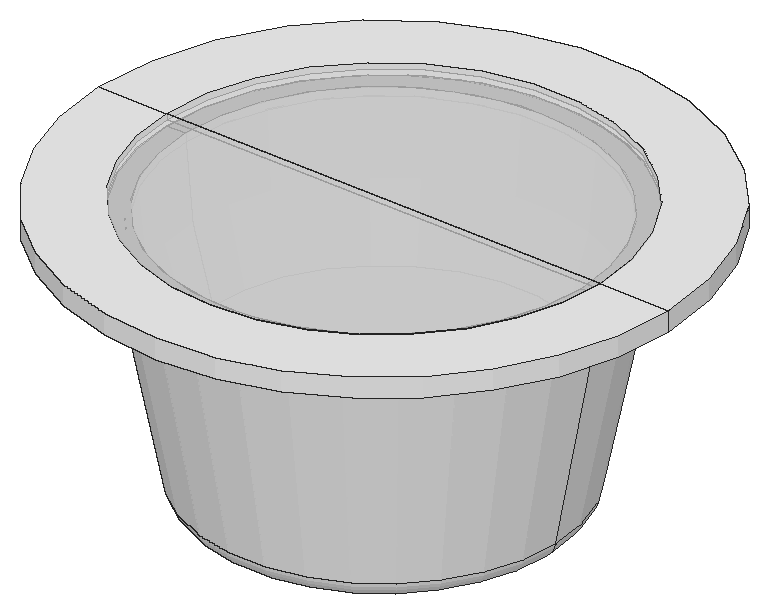
Revit family "2060545+2028036 Sylvania Lighting Fixture ASCENT 100 II ARCH 1000 4K STD 160 with IP44 Frost Glass", category Lighting Fixtures, host Face, Revit 2016
Family settings
  Host = Face
  Part Type = Normal
  Round Connector Dimension = Use Diameter
  OmniClass Number = 23.80.70.11.17
  OmniClass Title = Specialized Lighting by Location or Use
  Cut with Voids When Loaded = No
  Light Source = Yes
  Shared = No
  Room Calculation Point = No
Parameters (values of type "2060545+2028036 ASCT100 II ARCH 1000 4K STD 160 with IP44 Frost Glass")
  WidthBezelAcc_SYL = 25.0 mm
  Weight = "1.2 kg"
  Wattage = 7 W
  WarrantyStartDate [instance] = "n/a"
  WarrantyGuarantorParts = "n/a"
  WarrantyDurationUnit = "n/a"
  WarrantyDurationParts = "n/a"
  WarrantyDescription = "n/a"
  built-in parameter 1150110 = 1 (stored number, unit not read)
  Voltage = 0 V
  VisibilityAccessory_SYL = yes
  TypeName = "ASCENT 100 II ARCH 1000 4K STD 160 with IP44 Frost Glass"
  built-in parameter 1114217 = 1 (stored number, unit not read)
  Tilt Angle = -90°
  built-in parameter 1150109 = 1 (stored number, unit not read)
  built-in parameter 1150134 = 12
  built-in parameter 1150113 = 1 (stored number, unit not read)
  SerialNumber [instance] = "n/a"
  ReflectorRadius_SYL = Radius_SYL - 14.5 mm  # 80.0 mm
  RadiusAcc_SYL = 105.0 mm
  Radius_SYL = 94.5 mm
  URL = "http://www.sylvania-lighting.com"
  PowerFactor = 0
  PowerConsumption = "7 W"
  Photometric Web File = "2060545.ies"
  NominalWidth = 0.0 mm
  NominalLength = 0.0 mm
  NominalHeight = 94.0 mm
  Name = "ASCENT 100 II ARCH 1000 4K STD 160 with IP44 Frost Glass"
  ModelReference = "ASCENT 100 II ARCH 1000 4K STD 160 with IP44 Frost Glass"
  ModelNumber = "2060545+2028036"
  Material_4_SYL = none
  Material_3_SYL = Polycarbonate_Sylvania_Ascent_Opal
  Material_2_SYL = Aluminium_Sylvania_Ascent_Silver
  Material_1_SYL = Aluminum_Sylvania_Ascent_White
  Material = "aluminium housing, arcylic diffuser"
  ManufacturerName = "Feilo Sylvania"
  LuminousEfficacy = "144 lm/W"
  built-in parameter 1150105 = 80.214 (stored number, unit not read)
  Lumens = 1008 lm
  LuminaireType = ""
  built-in parameter 1150115 = 1 (stored number, unit not read)
  LightOutputRatio = "100"
  built-in parameter 1150137 = (empty or 0)
  built-in parameter 1150139 = (empty or 0)
  LampsType = Lamp  # "LED"
  LampNominalLuminous = "1009 lm"
  LampMacAdamStep = "3"
  LampColourTemperature = "4000 K"
  LampColourRenderingIndex = "80"
  built-in parameter 1150112 = 1 (stored number, unit not read)
  built-in parameter 1150114 = 1 (stored number, unit not read)
  Keynote = "16500"
  InstallationDate [instance] = "n/a"
  InputVoltage = "n/a"
  InputNominalFrequency = "n/a"
  built-in parameter 1150132 = (empty or 0)
  built-in parameter 1150102 = (empty or 0)
  built-in parameter 1150107 = 4000 (stored number, unit not read)
  built-in parameter 1150138 = (empty or 0)
  IngressProtection = "IP44"
  ImpactProtectionIndex = "IK02"
  built-in parameter 1150106 = 0.80214 (stored number, unit not read)
  IfcExportType = "IfcLightFixtureType"
  IfcExportAs = "IfcLightFixtureType"
  Height_SYL = 94.0 mm
  HeightAcc_SYL = 7.0 mm
  ExpectedLife = 50000
  EmittionSurface_SYL = if(VisibilityAccessory_SYL, 7.0 mm, 3.0 mm)  # 7.0 mm
  Emit from Circle Diameter = DiffuserRadius_SYL * 2  # 146.0 mm
  Emit Shape Visible in Rendering = no
  ElectricShockClassification = "Class II"
  built-in parameter 1150104 = 13.378 (stored number, unit not read)
  DurationUnit = "hours"
  DocumentationLiterature = "http://www.sylvania-lighting.com/product/en-int/products/2060545"
  DimmingControlOptions = "n/a"
  Dimming Lamp Color Temperature Shift = <None>
  DiffuserRadius_SYL = ReflectorRadius_SYL - 7.0 mm  # 73.0 mm
  Diameter_SYL = 2 * Radius_SYL  # 189.0 mm
  CutoutDiameter_SYL = Diameter_SYL - 13.0 mm  # 176.0 mm
  CreatedOn = "9/17/2018"
  CreatedBy = "@sylvania-lighting.com"
  Color Filter = 16777215
  built-in parameter 1114216 [instance] = 1 (stored number, unit not read)
  Model = "ASCENT 100 II ARCH 1000 4K STD 160 with IP44 Frost Glass"
  Manufacturer = "Feilo Sylvania"
  Lamp = "LED"
  Description = "Direct LED retro fit for original LED 100 Arch (160) single CFL lamp offering Matching lumen levels and improved light distribution of original LED 100 CFL lamp equivalents Typically half the power consumption compared to CFL Up to 112lm/W 160mm aperture Architectural reflector accepts range of glass accessories from existing LED 100 Arch 160 offering HE, HO and VHO versions equivalent of single 1 x 18W, 1 x 32W, 1 x 42W\r\n Additional VVHO versions which offer the performance circa 2 x 32W equivalent"  # constant formula
  Default Elevation = 0.0 mm
  built-in parameter 1140040 [instance] = 1
  BarCode [instance] = "n/a"
  built-in parameter 1114218 = 1 (stored number, unit not read)
  built-in parameter 1150133 = 10 (stored number, unit not read)
  AssetType = "Fixed"
  AssetIdentifier [instance] = "n/a"
  Assembly Code = "D5020200"
  Apparent Load = 7 VA
  Aperture_SYL = 2 * ReflectorRadius_SYL  # 160.0 mm
Reference planes
  plane 1 "Center (Front/Back)": y = 0
  plane 2: z = 0
  plane 3 "Center (Left/Right)": x = 0
  plane 4 "Fixture Bottom": z = 3
  plane 5: z = -52.5
  plane 6 "Fixture Top": z = -91
  plane 7: x = -105
  plane 8: z = 7
  plane 9: x = -80
  plane 10: z = 5
  plane 11: x = -103
Forms (mm)
  Extrusion 1, solid, material "Aluminum_Sylvania_Ascent_White", detail levels fine
    sketch origin (0, 0, 0) x (1, 0, 0) y (0, 1, 0)
      loop
        circle (0, 0) r 94.5
      loop
        circle (0, 0) r 80
    from 0 to 3
  Extrusion 2, void
    sketch origin (0, 0, 0) x (1, 0, 0) y (0, 1, 0)
      loop
        circle (0, 0) r 88
    from -91 to 3
  Revolve 3, solid, material "Aluminum_Sylvania_Ascent_White" <- "Material_1_SYL", detail levels fine
    sketch origin (0, 0, 0) x (1, 0, 0) y (0, 0, 1)
      loop
        line (0, -91.073) -> (0, -89.023) -> (-55.468, -89.014)
        arc (-55.468, -89.014) -> (-59.352, -87.613) -> (-61.54, -84.139) r 6.307
        line (-61.54, -84.139) -> (-77.991, -2.844) -> (-77.991, 0) -> (-80, 0) -> (-80, -3) -> (-63.5, -84.536)
        arc (-63.5, -84.536) -> (-60.643, -89.203) -> (-55.5, -91.073) r 8.291
        line (-55.5, -91.073) -> (0, -91.073)
      axis (0, 0) -> (0, -91.073)
    angle from 0 to 360
  Revolve 4, solid, material "Aluminium_Sylvania_Ascent_Silver" <- "Material_2_SYL", detail levels fine
    sketch origin (0, 0, 0) x (1, 0, 0) y (0, 0, 1)
      loop
        line (-80, 3) -> (-80, 0) -> (-75, 0)
        arc (-75, 0) -> (-72.349, -26.77) -> (-64.5, -52.5) r 136.5
        line (-64.5, -52.5) -> (-58, -52.5)
        arc (-58, -52.5) -> (-56.857, -61.521) -> (-53.5, -69.971) r 36.166
        line (-53.5, -69.971) -> (0, -69.971) -> (0, -50.5) -> (-63.16, -50.5)
        arc (-63.16, -50.5) -> (-70.517, -25.725) -> (-73, 0) r 134.5
        line (-73, 0) -> (-73, 3) -> (-80, 3)
      axis (0, 3) -> (0, -69.971)
    angle from 0 to 360
  Extrusion 5, solid, material "Polycarbonate_Sylvania_Ascent_Opal" <- "Material_3_SYL", detail levels fine
    sketch origin (0, 0, 0) x (1, 0, 0) y (0, 1, 0)
      loop
        circle (0, 0) r 73
    from 0 to 3
  Revolve 6, solid, material "Aluminum_Sylvania_Ascent_White" <- "Material_1_SYL", detail levels coarse+medium
    sketch origin (0, 0, 0) x (1, 0, 0) y (0, 0, 1)
      loop
        line (0, -91.073) -> (0, 3) -> (-94.5, 3) -> (-94.5, 0) -> (-79.5, 0) -> (-79.5, -3) -> (-63, -84.536)
        arc (-63, -84.536) -> (-60.143, -89.203) -> (-55, -91.073) r 8.291
        line (-55, -91.073) -> (0, -91.073)
      axis (0, 3) -> (0, -91.073)
    angle from 0 to 360
  Revolve 7, solid, material "Aluminum_Sylvania_Ascent_White" <- "Material_1_SYL", visible <- "VisibilityAccessory_SYL"
    sketch origin (0, 0, 0) x (1, 0, 0) y (0, 0, 1)
      loop
        line (-105, 0) -> (-103, 0) -> (-103, 5) -> (-80, 5) -> (-80, 7) -> (-105, 7) -> (-105, 0)
      axis (0, 7) -> (0, 0)
    angle from 0 to 360
  Revolve 8, solid, material "Polycarbonate_Sylvania_Ascent_Opal" <- "Material_3_SYL", visible <- "VisibilityAccessory_SYL"
    sketch origin (0, 0, 0) x (1, 0, 0) y (0, 0, 1)
      loop
        line (-80, 7) -> (-80, 5) -> (0, 5) -> (0, 7) -> (-80, 7)
      axis (0, 7) -> (0, 5)
    angle from 0 to 360
Lines and regions (mm)
  reference lines
    curve 1: line (-150, 0, 7) -> (125, 0, 7)
Dimensions and locks
  locked: plane 4 "Fixture Bottom" to plane 2 at 3
  "Height_SYL": plane 4 "Fixture Bottom" to plane 6 "Fixture Top"
  "ReflectorRadius_SYL": plane 3 "Center (Left/Right)" to Revolve 4 sketch curve
  locked: Revolve 4 sketch curve to Revolve 4 sketch curve at 15.5
  locked: Revolve 4 sketch curve to Revolve 4 sketch curve at 5
  locked: Revolve 4 sketch curve to Revolve 4 sketch curve at 7
  locked: Revolve 4 sketch curve to Revolve 4 sketch curve at 22
  locked: Revolve 4 sketch curve to Revolve 4 sketch curve at 26.5
  locked: Revolve 3 sketch curve to Revolve 3 sketch curve at 16.5
  locked: Revolve 3 sketch curve to Revolve 3 sketch curve at 24.5
  "ReflectorRadius_SYL": Revolve 3 sketch curve to plane 3 "Center (Left/Right)"
  locked: Revolve 3 sketch curve to plane 6 "Fixture Top" at 6.464
  locked: plane 2 to Revolve 3 sketch curve at 3
  locked: Revolve 3 sketch curve to Revolve 3 sketch curve at 2
  locked: Revolve 3 sketch curve to Revolve 3 sketch curve at 2.009
  locked: plane 2 to plane 5 at 52.5
  locked: Revolve 6 sketch curve to Revolve 6 sketch curve at 31.5
  locked: Revolve 6 sketch curve to Revolve 6 sketch curve at 39.5
  locked: Revolve 6 sketch curve to Revolve 6 sketch curve at 15
  "Radius_SYL": plane 3 "Center (Left/Right)" to Revolve 6 sketch curve
  "RadiusAcc_SYL": plane 3 "Center (Left/Right)" to plane 7
  "HeightAcc_SYL": plane 8 to level
  "WidthBezelAcc_SYL": plane 7 to plane 9
  locked: plane 7 to plane 11 at 2
  locked: plane 8 to plane 10 at 2
  "EmittionSurface_SYL": curve 1 to level
  "CutoutDiameter_SYL": diameter of Extrusion 2 sketch curve
  "ReflectorRadius_SYL": radius of Extrusion 1 sketch curve
  "DiffuserRadius_SYL": radius of Extrusion 5 sketch curve
  "Radius_SYL": radius of Extrusion 1 sketch curve
  aligned and locked: host face to plane 2
  aligned and locked: host face to level
  aligned and locked: plane 4 "Fixture Bottom" to Extrusion 1
  aligned and locked: Extrusion 1 to plane 2
  aligned and locked: Revolve 3 sketch curve to plane 3 "Center (Left/Right)"
  aligned and locked: Revolve 4 sketch curve to plane 3 "Center (Left/Right)"  (x2)
  aligned and locked: plane 4 "Fixture Bottom" to Revolve 4 sketch curve
  aligned and locked: Extrusion 5 to plane 2
  aligned and locked: plane 2 to Revolve 3 sketch curve  (x2)
  aligned and locked: Revolve 6 sketch curve to plane 3 "Center (Left/Right)"
  aligned and locked: plane 6 "Fixture Top" to Extrusion 2
  aligned and locked: Revolve 7 sketch curve to plane 3 "Center (Left/Right)"
  aligned and locked: host face to Revolve 7 sketch curve  (x2)
  aligned and locked: Revolve 7 sketch curve to plane 7
  aligned and locked: plane 8 to Revolve 7 sketch curve
  aligned and locked: plane 9 to Revolve 7 sketch curve
  aligned and locked: Revolve 7 sketch curve to plane 10
  aligned and locked: plane 11 to Revolve 7 sketch curve
  aligned and locked: Revolve 7 to Revolve 8 sketch curve
  aligned and locked: Revolve 8 sketch curve to Revolve 7  (x2)
  aligned and locked: Revolve 8 sketch curve to plane 3 "Center (Left/Right)"  (x2)
  aligned and locked: plane 3 "Center (Left/Right)" to imposter light
  aligned and locked: imposter light to plane 1 "Center (Front/Back)"
  aligned and locked: imposter light to curve 1
Automatic sketch dimensions
  plane 1 "Center (Front/Back)" to Extrusion 2 sketch curve = 0.0 mm
  Extrusion 2 sketch curve to plane 3 "Center (Left/Right)" = 0.0 mm
  Extrusion 1 sketch curve to Extrusion 1 sketch curve = 0.0 mm  (x2)
  plane 1 "Center (Front/Back)" to Extrusion 1 sketch curve = 0.0 mm
  Extrusion 1 sketch curve to plane 3 "Center (Left/Right)" = 0.0 mm
  plane 6 "Fixture Top" to Revolve 3 sketch curve = 0.073 mm
  Revolve 3 sketch curve to plane 6 "Fixture Top" = 6.861 mm
  Revolve 3 sketch curve to Revolve 3 sketch curve = 0.003 mm
  Revolve 3 sketch curve to Revolve 3 sketch curve = 0.009 mm  (x2)
  Revolve 3 sketch curve to Revolve 3 sketch curve = 0.023 mm
  Revolve 3 sketch curve to Revolve 3 sketch curve = 0.072 mm
  Revolve 3 sketch curve to Revolve 3 sketch curve = 0.008 mm
  Revolve 3 sketch curve to plane 6 "Fixture Top" = 1.977 mm
  Revolve 3 sketch curve to Revolve 3 sketch curve = 33.496 mm
  Revolve 3 sketch curve to Revolve 3 sketch curve = 0.028 mm
  plane 4 "Fixture Bottom" to Revolve 3 sketch curve = 82.431 mm
  Revolve 4 sketch curve to Revolve 4 sketch curve = 0.0 mm  (x2)
  Revolve 4 sketch curve to plane 5 = 0.0 mm
  Revolve 4 sketch curve to level = 0.0 mm
  plane 5 to Revolve 4 sketch curve = 2.0 mm
  plane 4 "Fixture Bottom" to Revolve 4 sketch curve = 9.642 mm
  plane 1 "Center (Front/Back)" to Extrusion 5 sketch curve = 0.0 mm
  Extrusion 5 sketch curve to plane 3 "Center (Left/Right)" = 0.0 mm
  Revolve 4 sketch curve to level = 69.971 mm
  Revolve 4 sketch curve to Revolve 4 sketch curve = 2.387 mm
  Revolve 6 sketch curve to level = 0.0 mm
  Revolve 6 sketch curve to plane 3 "Center (Left/Right)" = 0.0 mm
  Revolve 6 sketch curve to Revolve 6 sketch curve = 8.104 mm
  Revolve 6 sketch curve to level = 3.0 mm
  Revolve 6 sketch curve to plane 6 "Fixture Top" = 6.464 mm
  plane 6 "Fixture Top" to Revolve 6 sketch curve = 0.073 mm
  Revolve 6 sketch curve to Revolve 6 sketch curve = 33.496 mm
  plane 4 "Fixture Bottom" to Revolve 6 sketch curve = 82.431 mm
  host sketch curve to host sketch curve = 1704.996 mm
  host sketch curve to host sketch curve = 1500.0 mm
  plane 6 "Fixture Top" to Revolve 7 sketch curve = 281.274 mm
  Revolve 7 sketch curve to plane 8 = 1140.706 mm
  plane 6 "Fixture Top" to Revolve 8 sketch curve = 281.274 mm
  Revolve 8 sketch curve to Revolve 8 sketch curve = 1140.706 mm
  Revolve 3 sketch curve to plane 3 "Center (Left/Right)" = 0.0 mm
  Revolve 6 sketch curve to plane 4 "Fixture Bottom" = 0.0 mm
  plane 7 to curve 1 = 45.0 mm
  plane 3 "Center (Left/Right)" to curve 1 = 125.0 mm
Connectors
  electrical at (0, 0, -91.073), driven by "Apparent Load"
    settings: on Revolve 3, index 1, voltage 240 V, apparent load 0 VA, apparent load phase1 7 VA, apparent load phase2 0 VA, apparent load phase3 0 VA, power factor 1, load classification "Lighting", number of poles 1, system type 31, power factor state 1, is connector primary yes, connector utility no, sub classification motor no, connector description ""
